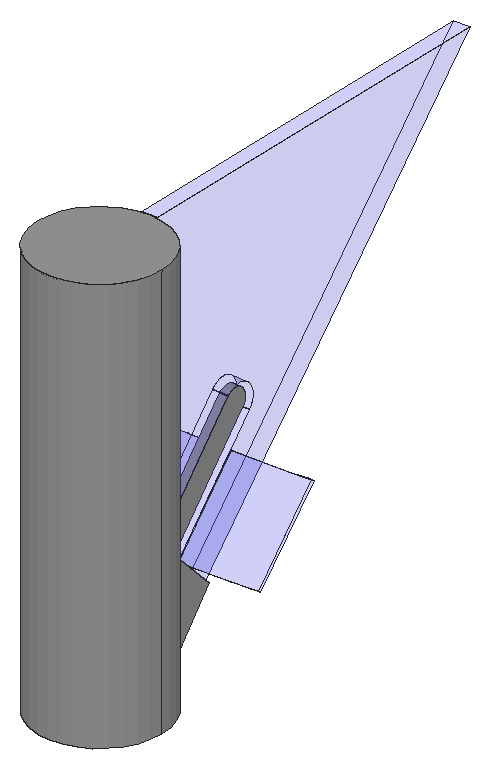
Revit family "SF_ICARO DEF", category Apparecchi per illuminazione, host Muro, Revit 2013
Parameters (values of type "Tipo 1")
  raggio cilindro = 3.75 cm
  mezza altezza lampada = altezza lampada / 2  # 12.50 cm
  larghezza metà lampada = 1.00 cm
  larghezza lampada [instance] = 2.00 cm
  altezza lampada = 25.00 cm
  Wattage = 9.2903 W
  built-in parameter 1150110 = 1 (stored number, unit not read)
  File diagramma fotometrico = "google_eulumdat_converter.ies"
  built-in parameter 1114217 = 1 (stored number, unit not read)
  built-in parameter 1150109 = 1 (stored number, unit not read)
  built-in parameter 1150134 = (empty or 0)
  built-in parameter 1150113 = 1 (stored number, unit not read)
  Lumens = 1380 lm
  built-in parameter 1150115 = 1 (stored number, unit not read)
  built-in parameter 1150105 = 109.82 (stored number, unit not read)
  built-in parameter 1150137 = (empty or 0)
  built-in parameter 1150139 = (empty or 0)
  built-in parameter 1150112 = 1 (stored number, unit not read)
  built-in parameter 1150114 = 1 (stored number, unit not read)
  built-in parameter 1150132 = 2
  built-in parameter 1150102 = (empty or 0)
  built-in parameter 1150138 = (empty or 0)
  built-in parameter 1150107 = 2900 (stored number, unit not read)
  built-in parameter 1150106 = 1.0982 (stored number, unit not read)
  built-in parameter 1150104 = 13.8 (stored number, unit not read)
  Dimming Lamp Color Temperature Shift = (empty or 0)
  Color Filter = 16777215
  built-in parameter 1114218 = 1 (stored number, unit not read)
  Tilt Angle = 60.00°
  built-in parameter 1150133 = 10 (stored number, unit not read)
Reference planes (cm)
  plane 1: y = 0
  plane 2 "Asse sorgente illuminazione (L/R)": x = 12.5
  plane 3 "Asse sorgente illuminazione (F/R)": y = 15
  plane 4 "Prospetto sorgente di illuminazione": z = 180
  plane 5: z = 192.5
  plane 6: z = 167.5
  plane 7: x = 11.5
  plane 8: x = 13.5
  plane 9: x = 14
  plane 10: x = 13.2451
  plane 11: x = 11
  plane 12: x = 12
  plane 13: x = 13
  plane 14: y = 22.6195
  plane 15: x = 6.5
  plane 16: x = 18.5
  plane 17: x = 12.5
  plane 18: y = 15
  plane 19: z = 180
  plane 20: z = 192.5
  plane 21: z = 167.5
  plane 22: x = 12
  plane 23: x = 13
  plane 24: y = 22.6195
  plane 25: x = 6.5
  plane 26: x = 18.5
  plane 27: x = 12.5
  plane 28: y = 15
  plane 29: z = 192.5
  plane 30: z = 167.5
  plane 31: x = 12
  plane 32: x = 13
  plane 33: x = 12.5
  plane 34: y = 15
  plane 35: z = 192.5
  plane 36: z = 167.5
  plane 37: x = 12
  plane 38: x = 13
  plane 39: x = 12.5
  plane 40: y = 15
  plane 41: z = 192.5
  plane 42: z = 167.5
  plane 43: x = 12
  plane 44: x = 13
Forms (cm)
  Extrusion 1, solid, material "Acciaio, Placcato di cromo"
    sketch origin (0, 0, 180) x (1, 0, 0) y (0, 1, 0)
      loop
        circle (12.5, 7.5) r 3.75
    from -12.5 to 12.5
  Extrusion 2, solid, material "Acciaio, Placcato di cromo"
    sketch origin (12.5, 0, 0) x (0, 1, 0) y (0, 0, 1)
      loop
        line (11.25, 169) -> (13.8212, 172.0642) -> (11.25, 174.6353) -> (11.25, 169)
    from 0.7451 to 1.5
  Extrusion 3, solid, material "Acciaio, Placcato di cromo"
    sketch origin (10.5025, 0, 0) x (0, 1, 0) y (0, 0, 1)
      loop
        line (11.25, 169) -> (13.8212, 172.0642) -> (11.25, 174.6353) -> (11.25, 169)
    from 0.4975 to 1.25
  Extrusion 4, solid, material "Acciaio, Placcato di cromo"
    sketch origin (12.5, 0, 0) x (0, 1, 0) y (0, 0, 1)
      loop
        line (12.5356, 173.3498) -> (17.8886, 179.2949)
        spline (17.8886, 179.2949) -> (18.0137, 179.4561) -> (18.0941, 179.6425) -> (18.1243, 179.8413) -> (18.1024, 180.039) -> (18.0297, 180.2221) -> (17.9113, 180.3782) -> (17.7552, 180.4967) -> (17.572, 180.5693) -> (17.3743, 180.5913) -> (17.1755, 180.561) -> (16.9892, 180.4806) -> (16.828, 180.3556)
        line (16.828, 180.3556) -> (11.4749, 174.4104) -> (12.5356, 173.3498)
    from -0.25 to 0.25
  Extrusion 5, solid, material "Vetro"
    sketch origin (12.5, 0, 0) x (0, 1, 0) y (0, 0, 1)
      loop
        line (11.25, 192.5) -> (11.25, 174.6196) -> (16.603, 180.5648)
        arc (16.603, 180.5648) -> (18.102, 180.6434) -> (18.1805, 179.1444) r 1.0614
        line (18.1805, 179.1444) -> (12.7605, 173.1248) -> (13.8212, 172.0642) -> (11.25, 169) -> (11.25, 167.5) -> (34.75, 192.5) -> (11.25, 192.5)
    from -0.5 to 0.5
  Extrusion 6, solid, material "Vetro"
    sketch origin (-4.9012, -9.3297, 194.023) x (1, 0, 0) y (0, 0.728628, -0.68491)
      loop
        line (17.9442, 30.3094) -> (17.9012, 30.2349)
        spline (17.9012, 30.2349) -> (18.8591, 30.2147) -> (19.6927, 30.1643) -> (20.4117, 30.0898) -> (21.0257, 29.9972) -> (21.5445, 29.8927) -> (21.9776, 29.7823) -> (22.3348, 29.6721) -> (22.6257, 29.5683) -> (22.86, 29.4768) -> (23.0473, 29.4039) -> (23.1973, 29.3555) -> (23.3197, 29.3378)
        line (23.3197, 29.3378) -> (23.4041, 29.4222)
        spline (23.4041, 29.4222) -> (23.2808, 29.4396) -> (23.1295, 29.4879) -> (22.9407, 29.5608) -> (22.7044, 29.6522) -> (22.4112, 29.7559) -> (22.0511, 29.8658) -> (21.6145, 29.9757) -> (21.0918, 30.0794) -> (20.4731, 30.1708) -> (19.7487, 30.2437) -> (18.909, 30.292) -> (17.9442, 30.3094)
    from 0 to 5.8741
  Extrusion 7, solid, material "Vetro"
    sketch origin (29.9012, -9.3352, 194.0282) x (-1, 0, 0) y (0, -0.728628, 0.68491)
      loop
        spline (17.9442, -30.3094) -> (18.909, -30.292) -> (19.7487, -30.2437) -> (20.4731, -30.1708) -> (21.0918, -30.0794) -> (21.6145, -29.9757) -> (22.0511, -29.8658) -> (22.4112, -29.7559) -> (22.7044, -29.6522) -> (22.9407, -29.5608) -> (23.1295, -29.4879) -> (23.2808, -29.4396) -> (23.4041, -29.4222)
        line (23.4041, -29.4222) -> (23.3197, -29.3378)
        spline (23.3197, -29.3378) -> (23.1973, -29.3555) -> (23.0473, -29.4039) -> (22.86, -29.4768) -> (22.6257, -29.5683) -> (22.3348, -29.6721) -> (21.9776, -29.7823) -> (21.5445, -29.8927) -> (21.0257, -29.9972) -> (20.4117, -30.0898) -> (19.6927, -30.1643) -> (18.8591, -30.2147) -> (17.9012, -30.2349)
        line (17.9012, -30.2349) -> (17.9442, -30.3094)
    from 0 to 5.8741
  Extrusion 8, solid, not visible
    sketch origin (0, 0, 180) x (1, 0, 0) y (0, 1, 0)
      loop
        circle (12.5, 7.5) r 3.75
    from -12.5 to 12.5
  Extrusion 9, solid, not visible
    sketch origin (12.5, 0, 0) x (0, 1, 0) y (0, 0, 1)
      loop
        line (11.25, 169) -> (13.8212, 172.0642) -> (11.25, 174.6353) -> (11.25, 169)
    from 0.7451 to 1.5
  Extrusion 10, solid, not visible
    sketch origin (10.5025, 0, 0) x (0, 1, 0) y (0, 0, 1)
      loop
        line (11.25, 169) -> (13.8212, 172.0642) -> (11.25, 174.6353) -> (11.25, 169)
    from 0.4975 to 1.25
  Extrusion 11, solid, not visible
    sketch origin (12.5, 0, 0) x (0, 1, 0) y (0, 0, 1)
      loop
        line (12.5356, 173.3498) -> (17.8886, 179.2949)
        spline (17.8886, 179.2949) -> (18.0137, 179.4561) -> (18.0941, 179.6425) -> (18.1243, 179.8413) -> (18.1024, 180.039) -> (18.0297, 180.2221) -> (17.9113, 180.3782) -> (17.7552, 180.4967) -> (17.572, 180.5693) -> (17.3743, 180.5913) -> (17.1755, 180.561) -> (16.9892, 180.4806) -> (16.828, 180.3556)
        line (16.828, 180.3556) -> (11.4749, 174.4104) -> (12.5356, 173.3498)
    from -0.25 to 0.25
  Extrusion 12, solid, not visible
    sketch origin (12.5, 0, 0) x (0, 1, 0) y (0, 0, 1)
      loop
        line (11.25, 192.5) -> (11.25, 174.6196) -> (16.603, 180.5648)
        arc (16.603, 180.5648) -> (18.102, 180.6434) -> (18.1805, 179.1444) r 1.0614
        line (18.1805, 179.1444) -> (12.7605, 173.1248) -> (13.8212, 172.0642) -> (11.25, 169) -> (11.25, 167.5) -> (34.75, 192.5) -> (11.25, 192.5)
    from -0.5 to 0.5
  Extrusion 13, solid, not visible
    sketch origin (-4.9012, -9.3297, 194.023) x (1, 0, 0) y (0, 0.728628, -0.68491)
      loop
        line (17.9442, 30.3094) -> (17.9012, 30.2349)
        spline (17.9012, 30.2349) -> (18.8591, 30.2147) -> (19.6927, 30.1643) -> (20.4117, 30.0898) -> (21.0257, 29.9972) -> (21.5445, 29.8927) -> (21.9776, 29.7823) -> (22.3348, 29.6721) -> (22.6257, 29.5683) -> (22.86, 29.4768) -> (23.0473, 29.4039) -> (23.1973, 29.3555) -> (23.3197, 29.3378)
        line (23.3197, 29.3378) -> (23.4041, 29.4222)
        spline (23.4041, 29.4222) -> (23.2808, 29.4396) -> (23.1295, 29.4879) -> (22.9407, 29.5608) -> (22.7044, 29.6522) -> (22.4112, 29.7559) -> (22.0511, 29.8658) -> (21.6145, 29.9757) -> (21.0918, 30.0794) -> (20.4731, 30.1708) -> (19.7487, 30.2437) -> (18.909, 30.292) -> (17.9442, 30.3094)
    from 0 to 5.8741
  Extrusion 14, solid, not visible
    sketch origin (29.9012, -9.3352, 194.0282) x (-1, 0, 0) y (0, -0.728628, 0.68491)
      loop
        spline (17.9442, -30.3094) -> (18.909, -30.292) -> (19.7487, -30.2437) -> (20.4731, -30.1708) -> (21.0918, -30.0794) -> (21.6145, -29.9757) -> (22.0511, -29.8658) -> (22.4112, -29.7559) -> (22.7044, -29.6522) -> (22.9407, -29.5608) -> (23.1295, -29.4879) -> (23.2808, -29.4396) -> (23.4041, -29.4222)
        line (23.4041, -29.4222) -> (23.3197, -29.3378)
        spline (23.3197, -29.3378) -> (23.1973, -29.3555) -> (23.0473, -29.4039) -> (22.86, -29.4768) -> (22.6257, -29.5683) -> (22.3348, -29.6721) -> (21.9776, -29.7823) -> (21.5445, -29.8927) -> (21.0257, -29.9972) -> (20.4117, -30.0898) -> (19.6927, -30.1643) -> (18.8591, -30.2147) -> (17.9012, -30.2349)
        line (17.9012, -30.2349) -> (17.9442, -30.3094)
    from 0 to 5.8741
  Extrusion 15, solid, not visible
    sketch origin (0, 0, 180) x (1, 0, 0) y (0, 1, 0)
      loop
        circle (12.5, 7.5) r 3.75
    from -12.5 to 12.5
  Extrusion 16, solid, not visible
    sketch origin (12.5, 0, 0) x (0, 1, 0) y (0, 0, 1)
      loop
        line (11.25, 169) -> (13.8212, 172.0642) -> (11.25, 174.6353) -> (11.25, 169)
    from 0.7451 to 1.5
  Extrusion 17, solid, not visible
    sketch origin (10.5025, 0, 0) x (0, 1, 0) y (0, 0, 1)
      loop
        line (11.25, 169) -> (13.8212, 172.0642) -> (11.25, 174.6353) -> (11.25, 169)
    from 0.4975 to 1.25
  Extrusion 18, solid, not visible
    sketch origin (12.5, 0, 0) x (0, 1, 0) y (0, 0, 1)
      loop
        line (12.5356, 173.3498) -> (17.8886, 179.2949)
        spline (17.8886, 179.2949) -> (18.0137, 179.4561) -> (18.0941, 179.6425) -> (18.1243, 179.8413) -> (18.1024, 180.039) -> (18.0297, 180.2221) -> (17.9113, 180.3782) -> (17.7552, 180.4967) -> (17.572, 180.5693) -> (17.3743, 180.5913) -> (17.1755, 180.561) -> (16.9892, 180.4806) -> (16.828, 180.3556)
        line (16.828, 180.3556) -> (11.4749, 174.4104) -> (12.5356, 173.3498)
    from -0.25 to 0.25
  Extrusion 19, solid, material "Vetro", not visible
    sketch origin (12.5, 0, 0) x (0, 1, 0) y (0, 0, 1)
      loop
        line (11.25, 192.5) -> (11.25, 174.6196) -> (16.603, 180.5648)
        arc (16.603, 180.5648) -> (18.102, 180.6434) -> (18.1805, 179.1444) r 1.0614
        line (18.1805, 179.1444) -> (12.7605, 173.1248) -> (13.8212, 172.0642) -> (11.25, 169) -> (11.25, 167.5) -> (34.75, 192.5) -> (11.25, 192.5)
    from -0.5 to 0.5
  Extrusion 20, solid, not visible
    sketch origin (-4.9012, -9.3297, 194.023) x (1, 0, 0) y (0, 0.728628, -0.68491)
      loop
        line (17.9442, 30.3094) -> (17.9012, 30.2349)
        spline (17.9012, 30.2349) -> (18.8591, 30.2147) -> (19.6927, 30.1643) -> (20.4117, 30.0898) -> (21.0257, 29.9972) -> (21.5445, 29.8927) -> (21.9776, 29.7823) -> (22.3348, 29.6721) -> (22.6257, 29.5683) -> (22.86, 29.4768) -> (23.0473, 29.4039) -> (23.1973, 29.3555) -> (23.3197, 29.3378)
        line (23.3197, 29.3378) -> (23.4041, 29.4222)
        spline (23.4041, 29.4222) -> (23.2808, 29.4396) -> (23.1295, 29.4879) -> (22.9407, 29.5608) -> (22.7044, 29.6522) -> (22.4112, 29.7559) -> (22.0511, 29.8658) -> (21.6145, 29.9757) -> (21.0918, 30.0794) -> (20.4731, 30.1708) -> (19.7487, 30.2437) -> (18.909, 30.292) -> (17.9442, 30.3094)
    from 0 to 5.8741
  Extrusion 21, solid, not visible
    sketch origin (29.9012, -9.3352, 194.0282) x (-1, 0, 0) y (0, -0.728628, 0.68491)
      loop
        spline (17.9442, -30.3094) -> (18.909, -30.292) -> (19.7487, -30.2437) -> (20.4731, -30.1708) -> (21.0918, -30.0794) -> (21.6145, -29.9757) -> (22.0511, -29.8658) -> (22.4112, -29.7559) -> (22.7044, -29.6522) -> (22.9407, -29.5608) -> (23.1295, -29.4879) -> (23.2808, -29.4396) -> (23.4041, -29.4222)
        line (23.4041, -29.4222) -> (23.3197, -29.3378)
        spline (23.3197, -29.3378) -> (23.1973, -29.3555) -> (23.0473, -29.4039) -> (22.86, -29.4768) -> (22.6257, -29.5683) -> (22.3348, -29.6721) -> (21.9776, -29.7823) -> (21.5445, -29.8927) -> (21.0257, -29.9972) -> (20.4117, -30.0898) -> (19.6927, -30.1643) -> (18.8591, -30.2147) -> (17.9012, -30.2349)
        line (17.9012, -30.2349) -> (17.9442, -30.3094)
    from 0 to 5.8741
  Extrusion 22, solid, material "Acciaio, Placcato di cromo", not visible
    sketch origin (0, 0, 180) x (1, 0, 0) y (0, 1, 0)
      loop
        circle (12.5, 7.5) r 3.75
    from -12.5 to 12.5
  Extrusion 23, solid, material "Acciaio, Placcato di cromo", not visible
    sketch origin (12.5, 0, 0) x (0, 1, 0) y (0, 0, 1)
      loop
        line (11.25, 169) -> (13.8212, 172.0642) -> (11.25, 174.6353) -> (11.25, 169)
    from 0.7451 to 1.5
  Extrusion 24, solid, material "Acciaio, Placcato di cromo", not visible
    sketch origin (10.5025, 0, 0) x (0, 1, 0) y (0, 0, 1)
      loop
        line (11.25, 169) -> (13.8212, 172.0642) -> (11.25, 174.6353) -> (11.25, 169)
    from 0.4975 to 1.25
  Extrusion 25, solid, material "Acciaio, Placcato di cromo", not visible
    sketch origin (12.5, 0, 0) x (0, 1, 0) y (0, 0, 1)
      loop
        line (12.5356, 173.3498) -> (17.8886, 179.2949)
        spline (17.8886, 179.2949) -> (18.0137, 179.4561) -> (18.0941, 179.6425) -> (18.1243, 179.8413) -> (18.1024, 180.039) -> (18.0297, 180.2221) -> (17.9113, 180.3782) -> (17.7552, 180.4967) -> (17.572, 180.5693) -> (17.3743, 180.5913) -> (17.1755, 180.561) -> (16.9892, 180.4806) -> (16.828, 180.3556)
        line (16.828, 180.3556) -> (11.4749, 174.4104) -> (12.5356, 173.3498)
    from -0.25 to 0.25
  Extrusion 26, solid, material "Vetro", not visible
    sketch origin (12.5, 0, 0) x (0, 1, 0) y (0, 0, 1)
      loop
        line (11.25, 192.5) -> (11.25, 174.6196) -> (16.603, 180.5648)
        arc (16.603, 180.5648) -> (18.102, 180.6434) -> (18.1805, 179.1444) r 1.0614
        line (18.1805, 179.1444) -> (12.7605, 173.1248) -> (13.8212, 172.0642) -> (11.25, 169) -> (11.25, 167.5) -> (34.75, 192.5) -> (11.25, 192.5)
    from -0.5 to 0.5
  Extrusion 27, solid, material "Acciaio, Placcato di cromo", not visible
    sketch origin (-4.9012, -9.3297, 194.023) x (1, 0, 0) y (0, 0.728628, -0.68491)
      loop
        line (17.9442, 30.3094) -> (17.9012, 30.2349)
        spline (17.9012, 30.2349) -> (18.8591, 30.2147) -> (19.6927, 30.1643) -> (20.4117, 30.0898) -> (21.0257, 29.9972) -> (21.5445, 29.8927) -> (21.9776, 29.7823) -> (22.3348, 29.6721) -> (22.6257, 29.5683) -> (22.86, 29.4768) -> (23.0473, 29.4039) -> (23.1973, 29.3555) -> (23.3197, 29.3378)
        line (23.3197, 29.3378) -> (23.4041, 29.4222)
        spline (23.4041, 29.4222) -> (23.2808, 29.4396) -> (23.1295, 29.4879) -> (22.9407, 29.5608) -> (22.7044, 29.6522) -> (22.4112, 29.7559) -> (22.0511, 29.8658) -> (21.6145, 29.9757) -> (21.0918, 30.0794) -> (20.4731, 30.1708) -> (19.7487, 30.2437) -> (18.909, 30.292) -> (17.9442, 30.3094)
    from 0 to 5.8741
  Extrusion 28, solid, material "Acciaio, Placcato di cromo", not visible
    sketch origin (29.9012, -9.3352, 194.0282) x (-1, 0, 0) y (0, -0.728628, 0.68491)
      loop
        spline (17.9442, -30.3094) -> (18.909, -30.292) -> (19.7487, -30.2437) -> (20.4731, -30.1708) -> (21.0918, -30.0794) -> (21.6145, -29.9757) -> (22.0511, -29.8658) -> (22.4112, -29.7559) -> (22.7044, -29.6522) -> (22.9407, -29.5608) -> (23.1295, -29.4879) -> (23.2808, -29.4396) -> (23.4041, -29.4222)
        line (23.4041, -29.4222) -> (23.3197, -29.3378)
        spline (23.3197, -29.3378) -> (23.1973, -29.3555) -> (23.0473, -29.4039) -> (22.86, -29.4768) -> (22.6257, -29.5683) -> (22.3348, -29.6721) -> (21.9776, -29.7823) -> (21.5445, -29.8927) -> (21.0257, -29.9972) -> (20.4117, -30.0898) -> (19.6927, -30.1643) -> (18.8591, -30.2147) -> (17.9012, -30.2349)
        line (17.9012, -30.2349) -> (17.9442, -30.3094)
    from 0 to 5.8741
  Extrusion 29, solid, material "Acciaio, Placcato di cromo", not visible
    sketch origin (0, 0, 180) x (1, 0, 0) y (0, 1, 0)
      loop
        circle (12.5, 7.5) r 3.75
    from -12.5 to 12.5
  Extrusion 30, solid, material "Acciaio, Placcato di cromo", not visible
    sketch origin (12.5, 0, 0) x (0, 1, 0) y (0, 0, 1)
      loop
        line (11.25, 169) -> (13.8212, 172.0642) -> (11.25, 174.6353) -> (11.25, 169)
    from 0.7451 to 1.5
  Extrusion 31, solid, material "Acciaio, Placcato di cromo", not visible
    sketch origin (10.5025, 0, 0) x (0, 1, 0) y (0, 0, 1)
      loop
        line (11.25, 169) -> (13.8212, 172.0642) -> (11.25, 174.6353) -> (11.25, 169)
    from 0.4975 to 1.25
  Extrusion 32, solid, material "Acciaio, Placcato di cromo", not visible
    sketch origin (12.5, 0, 0) x (0, 1, 0) y (0, 0, 1)
      loop
        line (12.5356, 173.3498) -> (17.8886, 179.2949)
        spline (17.8886, 179.2949) -> (18.0137, 179.4561) -> (18.0941, 179.6425) -> (18.1243, 179.8413) -> (18.1024, 180.039) -> (18.0297, 180.2221) -> (17.9113, 180.3782) -> (17.7552, 180.4967) -> (17.572, 180.5693) -> (17.3743, 180.5913) -> (17.1755, 180.561) -> (16.9892, 180.4806) -> (16.828, 180.3556)
        line (16.828, 180.3556) -> (11.4749, 174.4104) -> (12.5356, 173.3498)
    from -0.25 to 0.25
  Extrusion 33, solid, material "Vetro", not visible
    sketch origin (12.5, 0, 0) x (0, 1, 0) y (0, 0, 1)
      loop
        line (11.25, 192.5) -> (11.25, 174.6196) -> (16.603, 180.5648)
        arc (16.603, 180.5648) -> (18.102, 180.6434) -> (18.1805, 179.1444) r 1.0614
        line (18.1805, 179.1444) -> (12.7605, 173.1248) -> (13.8212, 172.0642) -> (11.25, 169) -> (11.25, 167.5) -> (34.75, 192.5) -> (11.25, 192.5)
    from -0.5 to 0.5
  Extrusion 34, solid, material "Vetro", not visible
    sketch origin (-4.9012, -9.3297, 194.023) x (1, 0, 0) y (0, 0.728628, -0.68491)
      loop
        line (17.9442, 30.3094) -> (17.9012, 30.2349)
        spline (17.9012, 30.2349) -> (18.8591, 30.2147) -> (19.6927, 30.1643) -> (20.4117, 30.0898) -> (21.0257, 29.9972) -> (21.5445, 29.8927) -> (21.9776, 29.7823) -> (22.3348, 29.6721) -> (22.6257, 29.5683) -> (22.86, 29.4768) -> (23.0473, 29.4039) -> (23.1973, 29.3555) -> (23.3197, 29.3378)
        line (23.3197, 29.3378) -> (23.4041, 29.4222)
        spline (23.4041, 29.4222) -> (23.2808, 29.4396) -> (23.1295, 29.4879) -> (22.9407, 29.5608) -> (22.7044, 29.6522) -> (22.4112, 29.7559) -> (22.0511, 29.8658) -> (21.6145, 29.9757) -> (21.0918, 30.0794) -> (20.4731, 30.1708) -> (19.7487, 30.2437) -> (18.909, 30.292) -> (17.9442, 30.3094)
    from 0 to 5.8741
  Extrusion 35, solid, material "Vetro", not visible
    sketch origin (29.9012, -9.3352, 194.0282) x (-1, 0, 0) y (0, -0.728628, 0.68491)
      loop
        spline (17.9442, -30.3094) -> (18.909, -30.292) -> (19.7487, -30.2437) -> (20.4731, -30.1708) -> (21.0918, -30.0794) -> (21.6145, -29.9757) -> (22.0511, -29.8658) -> (22.4112, -29.7559) -> (22.7044, -29.6522) -> (22.9407, -29.5608) -> (23.1295, -29.4879) -> (23.2808, -29.4396) -> (23.4041, -29.4222)
        line (23.4041, -29.4222) -> (23.3197, -29.3378)
        spline (23.3197, -29.3378) -> (23.1973, -29.3555) -> (23.0473, -29.4039) -> (22.86, -29.4768) -> (22.6257, -29.5683) -> (22.3348, -29.6721) -> (21.9776, -29.7823) -> (21.5445, -29.8927) -> (21.0257, -29.9972) -> (20.4117, -30.0898) -> (19.6927, -30.1643) -> (18.8591, -30.2147) -> (17.9012, -30.2349)
        line (17.9012, -30.2349) -> (17.9442, -30.3094)
    from 0 to 5.8741
Text (cm)
  text "Lato posizionamento" at (-178.7139, 111.6779, 0), in view "Livello rif."
  text "Lato posizionamento" at (0, 211.0396, 298.6058), in view "Sinistra"
  text "Lato posizionamento" at (0, 62.8478, 301.1967), in view "Destra"
Dimensions and locks (cm)
  "mezza altezza lampada": plane 5 to plane 4 "Prospetto sorgente di illuminazione"
  "mezza altezza lampada": plane 4 "Prospetto sorgente di illuminazione" to plane 6
  equal spacing: plane 7, plane 2 "Asse sorgente illuminazione (L/R)", plane 8
  "larghezza metà lampada": plane 8 to plane 2 "Asse sorgente illuminazione (L/R)"
  "larghezza lampada": plane 7 to plane 8
  "raggio cilindro": radius of Extrusion 1 sketch curve
  "raggio cilindro": radius of Extrusion 8 sketch curve
  "raggio cilindro": radius of Extrusion 15 sketch curve
  "raggio cilindro": radius of Extrusion 22 sketch curve
  "raggio cilindro": radius of Extrusion 29 sketch curve
  aligned and locked: plane 1 to host wall
  aligned and locked: plane 4 "Prospetto sorgente di illuminazione" to imposter light
  aligned and locked: Extrusion 1 to plane 6
  aligned and locked: plane 5 to Extrusion 1
Automatic sketch dimensions
  Extrusion 2 sketch curve to Extrusion 2 sketch curve = 2.5712 cm  (x2)
  Extrusion 3 sketch curve to Extrusion 3 sketch curve = 2.5712 cm  (x2)
  Extrusion 4 sketch curve to Extrusion 4 sketch curve = 1.0607 cm  (x3)
  Extrusion 5 sketch curve to Extrusion 5 sketch curve = 1.5105 cm  (x2)
  Extrusion 5 sketch curve to Extrusion 5 sketch curve = 1.5775 cm
  Extrusion 5 sketch curve to Extrusion 5 sketch curve = 3.0642 cm
  Extrusion 5 sketch curve to Extrusion 5 sketch curve = 1.0607 cm  (x2)
  Extrusion 5 sketch curve to Extrusion 5 sketch curve = 1.4948 cm
  Extrusion 6 sketch curve to Extrusion 6 sketch curve = 0.0844 cm  (x2)
  Extrusion 6 sketch curve to Extrusion 6 sketch curve = 0.8971 cm
  Extrusion 6 sketch curve to Extrusion 6 sketch curve = 0.0745 cm
  Extrusion 7 sketch curve to Extrusion 7 sketch curve = 0.0745 cm
  Extrusion 7 sketch curve to Extrusion 7 sketch curve = 0.8872 cm
  Extrusion 7 sketch curve to Extrusion 7 sketch curve = 0.0844 cm  (x2)
  Extrusion 2 sketch curve to Extrusion 2 sketch curve = 3.0642 cm
  Extrusion 3 sketch curve to Extrusion 3 sketch curve = 3.0642 cm
  Extrusion 4 sketch curve to Extrusion 4 sketch curve = 5.353 cm
  Extrusion 4 sketch curve to Extrusion 4 sketch curve = 5.9452 cm
  Extrusion 5 sketch curve to Extrusion 5 sketch curve = 5.353 cm
  Extrusion 5 sketch curve to Extrusion 5 sketch curve = 16.5695 cm
  Extrusion 5 sketch curve to Extrusion 5 sketch curve = 0.7887 cm
  Extrusion 5 sketch curve to Extrusion 5 sketch curve = 1.50 cm
  Extrusion 5 sketch curve to Extrusion 5 sketch curve = 6.0196 cm
  Extrusion 5 sketch curve to Extrusion 5 sketch curve = 1.4204 cm
  Extrusion 5 sketch curve to Extrusion 5 sketch curve = 13.3556 cm
  Extrusion 6 sketch curve to Extrusion 6 sketch curve = 0.043 cm
  Extrusion 6 sketch curve to Extrusion 6 sketch curve = 5.3755 cm
  Extrusion 7 sketch curve to Extrusion 7 sketch curve = 0.043 cm
  Extrusion 7 sketch curve to Extrusion 7 sketch curve = 5.3755 cm
  Extrusion 9 sketch curve to Extrusion 9 sketch curve = 2.5712 cm  (x2)
  Extrusion 10 sketch curve to Extrusion 10 sketch curve = 2.5712 cm  (x2)
  Extrusion 11 sketch curve to Extrusion 11 sketch curve = 1.0607 cm  (x3)
  Extrusion 12 sketch curve to Extrusion 12 sketch curve = 1.5105 cm  (x2)
  Extrusion 12 sketch curve to Extrusion 12 sketch curve = 1.5775 cm
  Extrusion 12 sketch curve to Extrusion 12 sketch curve = 3.0642 cm
  Extrusion 12 sketch curve to Extrusion 12 sketch curve = 1.0607 cm  (x2)
  Extrusion 12 sketch curve to Extrusion 12 sketch curve = 1.4948 cm
  Extrusion 13 sketch curve to Extrusion 13 sketch curve = 0.0844 cm  (x2)
  Extrusion 13 sketch curve to Extrusion 13 sketch curve = 0.8971 cm
  Extrusion 13 sketch curve to Extrusion 13 sketch curve = 0.0745 cm
  Extrusion 14 sketch curve to Extrusion 14 sketch curve = 0.0745 cm
  Extrusion 14 sketch curve to Extrusion 14 sketch curve = 0.8872 cm
  Extrusion 14 sketch curve to Extrusion 14 sketch curve = 0.0844 cm  (x2)
  Extrusion 9 sketch curve to Extrusion 9 sketch curve = 3.0642 cm
  Extrusion 10 sketch curve to Extrusion 10 sketch curve = 3.0642 cm
  Extrusion 11 sketch curve to Extrusion 11 sketch curve = 5.353 cm
  Extrusion 11 sketch curve to Extrusion 11 sketch curve = 5.9452 cm
  Extrusion 12 sketch curve to Extrusion 12 sketch curve = 5.353 cm
  Extrusion 12 sketch curve to Extrusion 12 sketch curve = 16.5695 cm
  Extrusion 12 sketch curve to Extrusion 12 sketch curve = 0.7887 cm
  Extrusion 12 sketch curve to Extrusion 12 sketch curve = 1.50 cm
  Extrusion 12 sketch curve to Extrusion 12 sketch curve = 6.0196 cm
  Extrusion 12 sketch curve to Extrusion 12 sketch curve = 1.4204 cm
  Extrusion 12 sketch curve to Extrusion 12 sketch curve = 13.3556 cm
  Extrusion 13 sketch curve to Extrusion 13 sketch curve = 0.043 cm
  Extrusion 13 sketch curve to Extrusion 13 sketch curve = 5.3755 cm
  Extrusion 14 sketch curve to Extrusion 14 sketch curve = 0.043 cm
  Extrusion 14 sketch curve to Extrusion 14 sketch curve = 5.3755 cm
  Extrusion 16 sketch curve to Extrusion 16 sketch curve = 2.5712 cm  (x2)
  Extrusion 17 sketch curve to Extrusion 17 sketch curve = 2.5712 cm  (x2)
  Extrusion 18 sketch curve to Extrusion 18 sketch curve = 1.0607 cm  (x3)
  Extrusion 19 sketch curve to Extrusion 19 sketch curve = 1.5105 cm  (x2)
  Extrusion 19 sketch curve to Extrusion 19 sketch curve = 1.5775 cm
  Extrusion 19 sketch curve to Extrusion 19 sketch curve = 3.0642 cm
  Extrusion 19 sketch curve to Extrusion 19 sketch curve = 1.0607 cm  (x2)
  Extrusion 19 sketch curve to Extrusion 19 sketch curve = 1.4948 cm
  Extrusion 20 sketch curve to Extrusion 20 sketch curve = 0.0844 cm  (x2)
  Extrusion 20 sketch curve to Extrusion 20 sketch curve = 0.8971 cm
  Extrusion 20 sketch curve to Extrusion 20 sketch curve = 0.0745 cm
  Extrusion 21 sketch curve to Extrusion 21 sketch curve = 0.0745 cm
  Extrusion 21 sketch curve to Extrusion 21 sketch curve = 0.8872 cm
  Extrusion 21 sketch curve to Extrusion 21 sketch curve = 0.0844 cm  (x2)
  Extrusion 16 sketch curve to Extrusion 16 sketch curve = 3.0642 cm
  Extrusion 17 sketch curve to Extrusion 17 sketch curve = 3.0642 cm
  Extrusion 18 sketch curve to Extrusion 18 sketch curve = 5.353 cm
  Extrusion 18 sketch curve to Extrusion 18 sketch curve = 5.9452 cm
  Extrusion 19 sketch curve to Extrusion 19 sketch curve = 5.353 cm
  Extrusion 19 sketch curve to Extrusion 19 sketch curve = 16.5695 cm
  Extrusion 19 sketch curve to Extrusion 19 sketch curve = 0.7887 cm
  Extrusion 19 sketch curve to Extrusion 19 sketch curve = 1.50 cm
  Extrusion 19 sketch curve to Extrusion 19 sketch curve = 6.0196 cm
  Extrusion 19 sketch curve to Extrusion 19 sketch curve = 1.4204 cm
  Extrusion 19 sketch curve to Extrusion 19 sketch curve = 13.3556 cm
  Extrusion 20 sketch curve to Extrusion 20 sketch curve = 0.043 cm
  Extrusion 20 sketch curve to Extrusion 20 sketch curve = 5.3755 cm
  Extrusion 21 sketch curve to Extrusion 21 sketch curve = 0.043 cm
  Extrusion 21 sketch curve to Extrusion 21 sketch curve = 5.3755 cm
  Extrusion 23 sketch curve to Extrusion 23 sketch curve = 2.5712 cm  (x2)
  Extrusion 24 sketch curve to Extrusion 24 sketch curve = 2.5712 cm  (x2)
  Extrusion 25 sketch curve to Extrusion 25 sketch curve = 1.0607 cm  (x3)
  Extrusion 26 sketch curve to Extrusion 26 sketch curve = 1.5105 cm  (x2)
  Extrusion 26 sketch curve to Extrusion 26 sketch curve = 1.5775 cm
  Extrusion 26 sketch curve to Extrusion 26 sketch curve = 3.0642 cm
  Extrusion 26 sketch curve to Extrusion 26 sketch curve = 1.0607 cm  (x2)
  Extrusion 26 sketch curve to Extrusion 26 sketch curve = 1.4948 cm
  Extrusion 27 sketch curve to Extrusion 27 sketch curve = 0.0844 cm  (x2)
  Extrusion 27 sketch curve to Extrusion 27 sketch curve = 0.8971 cm
  Extrusion 27 sketch curve to Extrusion 27 sketch curve = 0.0745 cm
  Extrusion 28 sketch curve to Extrusion 28 sketch curve = 0.0745 cm
  Extrusion 28 sketch curve to Extrusion 28 sketch curve = 0.8872 cm
  Extrusion 28 sketch curve to Extrusion 28 sketch curve = 0.0844 cm  (x2)
  Extrusion 23 sketch curve to Extrusion 23 sketch curve = 3.0642 cm
  Extrusion 24 sketch curve to Extrusion 24 sketch curve = 3.0642 cm
  Extrusion 25 sketch curve to Extrusion 25 sketch curve = 5.353 cm
  Extrusion 25 sketch curve to Extrusion 25 sketch curve = 5.9452 cm
  Extrusion 26 sketch curve to Extrusion 26 sketch curve = 5.353 cm
  Extrusion 26 sketch curve to Extrusion 26 sketch curve = 16.5695 cm
  Extrusion 26 sketch curve to Extrusion 26 sketch curve = 0.7887 cm
  Extrusion 26 sketch curve to Extrusion 26 sketch curve = 1.50 cm
  Extrusion 26 sketch curve to Extrusion 26 sketch curve = 6.0196 cm
  Extrusion 26 sketch curve to Extrusion 26 sketch curve = 1.4204 cm
  Extrusion 26 sketch curve to Extrusion 26 sketch curve = 13.3556 cm
  Extrusion 27 sketch curve to Extrusion 27 sketch curve = 0.043 cm
  Extrusion 27 sketch curve to Extrusion 27 sketch curve = 5.3755 cm
  Extrusion 28 sketch curve to Extrusion 28 sketch curve = 0.043 cm
  Extrusion 28 sketch curve to Extrusion 28 sketch curve = 5.3755 cm
  Extrusion 30 sketch curve to Extrusion 30 sketch curve = 2.5712 cm  (x2)
  Extrusion 31 sketch curve to Extrusion 31 sketch curve = 2.5712 cm  (x2)
  Extrusion 32 sketch curve to Extrusion 32 sketch curve = 1.0607 cm  (x3)
  Extrusion 33 sketch curve to Extrusion 33 sketch curve = 1.5105 cm  (x2)
  Extrusion 33 sketch curve to Extrusion 33 sketch curve = 1.5775 cm
  Extrusion 33 sketch curve to Extrusion 33 sketch curve = 3.0642 cm
  Extrusion 33 sketch curve to Extrusion 33 sketch curve = 1.0607 cm  (x2)
  Extrusion 33 sketch curve to Extrusion 33 sketch curve = 1.4948 cm
  Extrusion 34 sketch curve to Extrusion 34 sketch curve = 0.0844 cm  (x2)
  Extrusion 34 sketch curve to Extrusion 34 sketch curve = 0.8971 cm
  Extrusion 34 sketch curve to Extrusion 34 sketch curve = 0.0745 cm
  Extrusion 35 sketch curve to Extrusion 35 sketch curve = 0.0745 cm
  Extrusion 35 sketch curve to Extrusion 35 sketch curve = 0.8872 cm
  Extrusion 35 sketch curve to Extrusion 35 sketch curve = 0.0844 cm  (x2)
  Extrusion 30 sketch curve to Extrusion 30 sketch curve = 3.0642 cm
  Extrusion 31 sketch curve to Extrusion 31 sketch curve = 3.0642 cm
  Extrusion 32 sketch curve to Extrusion 32 sketch curve = 5.353 cm
  Extrusion 32 sketch curve to Extrusion 32 sketch curve = 5.9452 cm
  Extrusion 33 sketch curve to Extrusion 33 sketch curve = 5.353 cm
  Extrusion 33 sketch curve to Extrusion 33 sketch curve = 16.5695 cm
  Extrusion 33 sketch curve to Extrusion 33 sketch curve = 0.7887 cm
  Extrusion 33 sketch curve to Extrusion 33 sketch curve = 1.50 cm
  Extrusion 33 sketch curve to Extrusion 33 sketch curve = 6.0196 cm
  Extrusion 33 sketch curve to Extrusion 33 sketch curve = 1.4204 cm
  Extrusion 33 sketch curve to Extrusion 33 sketch curve = 13.3556 cm
  Extrusion 34 sketch curve to Extrusion 34 sketch curve = 0.043 cm
  Extrusion 34 sketch curve to Extrusion 34 sketch curve = 5.3755 cm
  Extrusion 35 sketch curve to Extrusion 35 sketch curve = 0.043 cm
  Extrusion 35 sketch curve to Extrusion 35 sketch curve = 5.3755 cm
